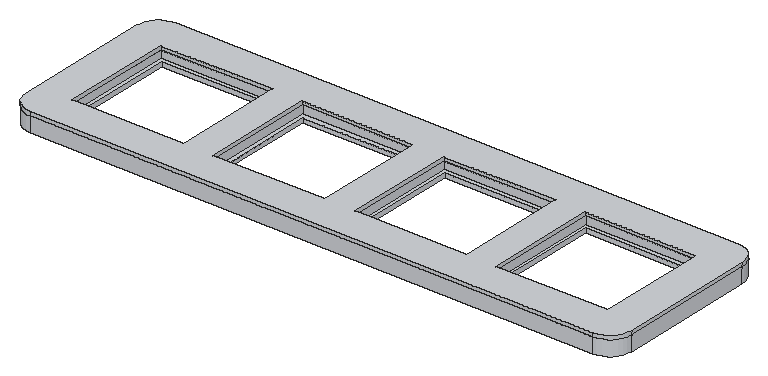
Revit family "Gira_0214422", category Electrical Fixtures, host Face, Revit 2017
Family settings
  Host = Face
  Maintain Annotation Orientation = No
  Round Connector Dimension = Use Diameter
  Part Type = Normal
  Cut with Voids When Loaded = No
  Shared = No
  Room Calculation Point = No
Parameters (values of type "Abdeckrahmen 4f Gira E3 Grau/Anthrazit")
  Werkstoffgüte = "sonstige"
  Werkstoff = "sonstige"
  URL = "http://katalog.gira.de/de_DE/datenblatt.html?artikelnr=0214422"
  Transparent = "No"
  Textfeld/Beschriftungsfläche = "No"
  Schutzart (IP) = "IP20"
  Region = "DE"
  Oberfläche = "sonstige"
  Name = "Abdeckrahmen 4f Gira E3 Grau/Anthrazit"
  Montagerichtung = "horizontal und vertikal"
  Mit Montagerahmen = "No"
  Mit Klappdeckel = "No"
  Manufacturer URL = "https://www.gira.de/"
  Keynote = "E3_Rahmen_4fach"
  HeinzeBIM = "https://bimportal.heinze.de/bim/abdeckrahmen-4f-gira-e3-grau-anthrazit/0a8a4cfe1de2bd86fa78b039f6e070bfb4629d03"
  Halogenfrei = "No"
  HAN = "0214422"
  Geeignet für Unterputz-Installation = "Yes"
  Geeignet für Unterflurkanaldose = "No"
  Geeignet für Geräteeinbaukanal = "No"
  Geeignet für Einbauinstallation = "No"
  GTIN = "4010337023982"
  Farbe = "sonstige"
  Default Elevation = 1219.2 mm
  Data sheet (1) = "https://katalog.gira.de/de_DE/download.html?artikelnr=0214422"
  Category = "Abdeckrahmen"
  Befestigungsart = "Klemmbefestigung"
  Available = "Yes"
  Anzahl der Einheiten vertikal = "4 "
  Anzahl der Einheiten horizontal = "4 "
  Anzahl der Einheiten = "4 "
Reference planes
  plane 1 "Center (Front/Back)": y = 0
  plane 2: z = 0
  plane 3 "Center (Left/Right)": x = 0
Forms (mm)
  Extrusion 1, solid, detail levels fine
    sketch origin (0, 0, 0) x (1, 0, 0) y (0, 1, 0)
      loop
        arc (-141.75, 45.809) -> (-149.535, 42.585) -> (-152.759, 34.8) r 11.009
        line (-152.759, 34.8) -> (-152.759, -34.8)
        arc (-152.759, -34.8) -> (-149.535, -42.585) -> (-141.75, -45.809) r 11.009
        line (-141.75, -45.809) -> (141.75, -45.809)
        arc (141.75, -45.809) -> (149.535, -42.585) -> (152.759, -34.8) r 11.009
        line (152.759, -34.8) -> (152.759, 34.8)
        arc (152.759, 34.8) -> (149.535, 42.585) -> (141.75, 45.809) r 11.009
        line (141.75, 45.809) -> (-141.75, 45.809)
      loop
        line (-78.85, 28.187) -> (-135.106, 28.187) -> (-135.106, -28.187) -> (-78.85, -28.187) -> (-78.85, 28.187)
      loop
        line (-63.95, 28.187) -> (-63.95, -28.187) -> (-7.695, -28.187) -> (-7.695, 28.187) -> (-63.95, 28.187)
      loop
        line (78.85, 28.187) -> (78.85, -28.187) -> (135.106, -28.187) -> (135.106, 28.187) -> (78.85, 28.187)
      loop
        line (63.95, 28.187) -> (7.695, 28.187) -> (7.695, -28.187) -> (63.95, -28.187) -> (63.95, 28.187)
    from 7.65 to 9.5
  Extrusion 2, solid, detail levels fine
    sketch origin (-107.15, 0, 0) x (1, 0, 0) y (0, 1, 0)
      loop
        line (26.1, 25.7) -> (-25.7, 25.7) -> (-25.7, -25.7) -> (26.1, -25.7) -> (26.1, 25.7)
      loop
        line (-28.187, -28.156) -> (28.187, -28.156) -> (28.187, 28.156) -> (-28.187, 28.156) -> (-28.187, -28.156)
    from 1.65 to 3.9
  Extrusion 3, solid, detail levels fine
    sketch origin (0, 0, 0) x (1, 0, 0) y (0, 1, 0)
      loop
        arc (-141.75, 45.809) -> (-149.535, 42.585) -> (-152.759, 34.8) r 11.009
        line (-152.759, 34.8) -> (-152.759, -34.8)
        arc (-152.759, -34.8) -> (-149.535, -42.585) -> (-141.75, -45.809) r 11.009
        line (-141.75, -45.809) -> (141.75, -45.809)
        arc (141.75, -45.809) -> (149.535, -42.585) -> (152.759, -34.8) r 11.009
        line (152.759, -34.8) -> (152.759, 34.8)
        arc (152.759, 34.8) -> (149.535, 42.585) -> (141.75, 45.809) r 11.009
        line (141.75, 45.809) -> (-141.75, 45.809)
      loop
        line (-150.793, 34.785) -> (-150.793, -34.785)
        arc (-150.793, -34.785) -> (-148.14, -41.19) -> (-141.735, -43.843) r 9.058
        line (-141.735, -43.843) -> (141.735, -43.843)
        arc (141.735, -43.843) -> (148.14, -41.19) -> (150.793, -34.785) r 9.058
        line (150.793, -34.785) -> (150.793, 34.785)
        arc (150.793, 34.785) -> (148.14, 41.19) -> (141.735, 43.843) r 9.058
        line (141.735, 43.843) -> (-141.735, 43.843)
        arc (-141.735, 43.843) -> (-148.14, 41.19) -> (-150.793, 34.785) r 9.058
    from 0 to 7.65
  Extrusion 4, solid, detail levels fine
    sketch origin (-35.75, 0, 0) x (1, 0, 0) y (0, 1, 0)
      loop
        line (-98.606, -31.075) -> (170.105, -31.075)
        arc (170.105, -31.075) -> (172.749, -29.98) -> (173.844, -27.337) r 3.739
        line (173.844, -27.337) -> (173.844, 27.337)
        arc (173.844, 27.337) -> (172.749, 29.98) -> (170.105, 31.075) r 3.739
        line (170.105, 31.075) -> (-98.606, 31.075)
        arc (-98.606, 31.075) -> (-101.249, 29.98) -> (-102.344, 27.337) r 3.739
        line (-102.344, 27.337) -> (-102.344, -27.337)
        arc (-102.344, -27.337) -> (-101.249, -29.98) -> (-98.606, -31.075) r 3.739
      loop
        line (-101.194, 27.537) -> (-101.194, -27.537)
        arc (-101.194, -27.537) -> (-100.495, -29.226) -> (-98.806, -29.925) r 2.389
        line (-98.806, -29.925) -> (170.305, -29.925)
        arc (170.305, -29.925) -> (171.994, -29.226) -> (172.694, -27.537) r 2.389
        line (172.694, -27.537) -> (172.694, 27.537)
        arc (172.694, 27.537) -> (171.994, 29.226) -> (170.305, 29.925) r 2.389
        line (170.305, 29.925) -> (-98.806, 29.925)
        arc (-98.806, 29.925) -> (-100.495, 29.226) -> (-101.194, 27.537) r 2.389
    from 1.65 to 7.65
  Extrusion 5, solid, detail levels fine
    sketch origin (0, 0, 0) x (1, 0, 0) y (0, 1, 0)
      loop
        line (-139.017, -39.8) -> (139.017, -39.8)
        arc (139.017, -39.8) -> (144.632, -36.708) -> (146.864, -30.7) r 9.2
        line (146.864, -30.7) -> (146.864, 30.7)
        arc (146.864, 30.7) -> (144.17, 37.205) -> (137.664, 39.9) r 9.2
        line (137.664, 39.9) -> (-137.664, 39.9)
        arc (-137.664, 39.9) -> (-144.17, 37.205) -> (-146.864, 30.7) r 9.2
        line (-146.864, 30.7) -> (-146.864, -30.7)
        arc (-146.864, -30.7) -> (-144.632, -36.708) -> (-139.017, -39.8) r 9.2
      loop
        line (-137.664, -31.7) -> (137.664, -31.7)
        arc (137.664, -31.7) -> (138.372, -31.407) -> (138.664, -30.7) r 1
        line (138.664, -30.7) -> (138.664, 30.7)
        arc (138.664, 30.7) -> (138.372, 31.407) -> (137.664, 31.7) r 1
        line (137.664, 31.7) -> (-137.664, 31.7)
        arc (-137.664, 31.7) -> (-138.372, 31.407) -> (-138.664, 30.7) r 1
        line (-138.664, 30.7) -> (-138.664, -30.7)
        arc (-138.664, -30.7) -> (-138.372, -31.407) -> (-137.664, -31.7) r 1
    from 1.65 to 3.9
  Extrusion 6, solid, detail levels fine
    sketch origin (-107.15, 0, 0) x (1, 0, 0) y (0, 1, 0)
      loop
        line (-28.187, 28.156) -> (-28.187, -28.156) -> (28.187, -28.156) -> (28.187, 28.156) -> (-28.187, 28.156)
      loop
        line (-29.925, 29.925) -> (-29.925, -29.925) -> (29.925, -29.925) -> (29.925, 29.925) -> (-29.925, 29.925)
    from 1.65 to 7.65
  Extrusion 7, solid, detail levels coarse+medium
    sketch origin (0, 0, 0) x (1, 0, 0) y (0, 1, 0)
      loop
        line (-152.759, 45.809) -> (-152.759, -45.809) -> (152.759, -45.809) -> (152.759, 45.809) -> (-152.759, 45.809)
    from 0 to 9.5
  Extrusion 8, solid, detail levels fine
    sketch origin (-35.65, 0, 0) x (-1, 0, 0) y (0, -1, 0)
      loop
        line (25.9, -25.7) -> (25.9, 25.7) -> (-25.9, 25.7) -> (-25.9, -25.7) -> (25.9, -25.7)
      loop
        line (-28.187, 28.156) -> (-28.187, -28.156) -> (28.187, -28.156) -> (28.187, 28.156) -> (-28.187, 28.156)
    from 1.65 to 3.9
  Extrusion 9, solid, detail levels fine
    sketch origin (-35.65, 0, 0) x (-1, 0, 0) y (0, -1, 0)
      loop
        line (-28.187, -28.156) -> (28.187, -28.156) -> (28.187, 28.156) -> (-28.187, 28.156) -> (-28.187, -28.156)
      loop
        line (-29.925, -29.925) -> (29.925, -29.925) -> (29.925, 29.925) -> (-29.925, 29.925) -> (-29.925, -29.925)
    from 1.65 to 7.65
  Extrusion 10, solid, detail levels fine
    sketch origin (35.85, 0, 0) x (-1, 0, 0) y (0, -1, 0)
      loop
        line (26.1, -25.7) -> (26.1, 25.7) -> (-25.7, 25.7) -> (-25.7, -25.7) -> (26.1, -25.7)
      loop
        line (-28.187, 28.156) -> (-28.187, -28.156) -> (28.187, -28.156) -> (28.187, 28.156) -> (-28.187, 28.156)
    from 1.65 to 3.9
  Extrusion 11, solid, detail levels fine
    sketch origin (35.85, 0, 0) x (-1, 0, 0) y (0, -1, 0)
      loop
        line (-28.187, -28.156) -> (28.187, -28.156) -> (28.187, 28.156) -> (-28.187, 28.156) -> (-28.187, -28.156)
      loop
        line (-29.925, -29.925) -> (29.925, -29.925) -> (29.925, 29.925) -> (-29.925, 29.925) -> (-29.925, -29.925)
    from 1.65 to 7.65
  Extrusion 12, solid, detail levels fine
    sketch origin (107.15, 0, 0) x (-1, 0, 0) y (0, -1, 0)
      loop
        line (26.1, -25.7) -> (26.1, 25.7) -> (-25.7, 25.7) -> (-25.7, -25.7) -> (26.1, -25.7)
      loop
        line (-28.187, 28.156) -> (-28.187, -28.156) -> (28.187, -28.156) -> (28.187, 28.156) -> (-28.187, 28.156)
    from 1.65 to 3.9
  Extrusion 13, solid, detail levels fine
    sketch origin (107.15, 0, 0) x (-1, 0, 0) y (0, -1, 0)
      loop
        line (-28.187, -28.156) -> (28.187, -28.156) -> (28.187, 28.156) -> (-28.187, 28.156) -> (-28.187, -28.156)
      loop
        line (-29.925, -29.925) -> (29.925, -29.925) -> (29.925, 29.925) -> (-29.925, 29.925) -> (-29.925, -29.925)
    from 1.65 to 7.65
Dimensions and locks
  aligned and locked: plane 2 to host face
  aligned and locked: level to host face
